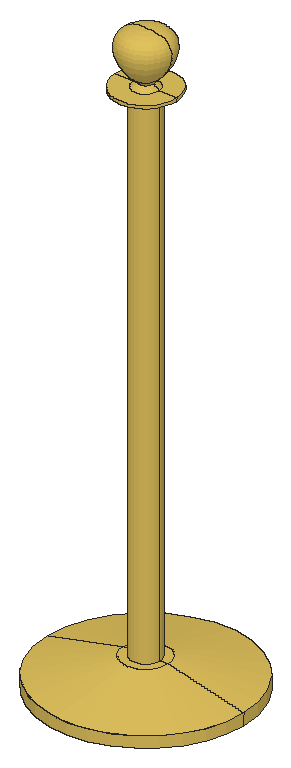
Revit family "DQMG0004", category Generic Models, Revit 2017
Family settings
  Can host rebar = No
  Round Connector Dimension = Use Diameter
  Part Type = Normal
  Work Plane-Based = No
  Always vertical = Yes
  Cut with Voids When Loaded = Yes
  Shared = No
  Room Calculation Point = No
Parameters
  Website = "https://dolphy.in/"  # constant formula
  Contact number = "+91 9520202035"  # constant formula
  Contact email = "info@dolphy.in"  # constant formula
  Company name = "Dolphy India"  # constant formula
Reference planes
  plane 1 "Center (Front/Back)": y = 0
  plane 2: z = 0
  plane 3 "Center (Left/Right)": x = 0
Forms (mm)
  Revolve 1, solid, material "Dolphy_GOLD"
    sketch origin (0, 0, 0) x (1, 0, 0) y (0, 0, 1)
      loop
        line (0, 0) -> (0, 1050)
        spline (0, 1050) -> (-15.268, 1048.896) -> (-26.998, 1045.814) -> (-35.555, 1041.102) -> (-41.302, 1035.105) -> (-44.602, 1028.17) -> (-45.82, 1020.645) -> (-45.313, 1012.87) -> (-43.322, 1005.05) -> (-39.95, 997.237) -> (-35.291, 989.473) -> (-29.443, 981.8) -> (-22.5, 974.261)
        line (-22.5, 974.261) -> (-13.661, 965.422) -> (-22.5, 956.584) -> (-55, 956.584) -> (-55, 951.584) -> (-25, 951.584) -> (-25, 50) -> (-40, 50) -> (-175, 20) -> (-175, 0) -> (0, 0)
      axis (0, 1050) -> (0, 0)
    angle from 0 to 360
Dimensions and locks
  aligned and locked: level to plane 2
Automatic sketch dimensions
  Revolve 1 sketch curve to level = 0 mm
  Revolve 1 sketch curve to plane 3 "Center (Left/Right)" = 0 mm  (x2)
  Revolve 1 sketch curve to plane 3 "Center (Left/Right)" = 13.661 mm
  Revolve 1 sketch curve to Revolve 1 sketch curve = 8.839 mm  (x3)
  Revolve 1 sketch curve to plane 3 "Center (Left/Right)" = 25 mm
  Revolve 1 sketch curve to Revolve 1 sketch curve = 15 mm
  Revolve 1 sketch curve to Revolve 1 sketch curve = 30 mm
  level to Revolve 1 sketch curve = 20 mm
  Revolve 1 sketch curve to Revolve 1 sketch curve = 135 mm
  level to Revolve 1 sketch curve = 50 mm
  Revolve 1 sketch curve to Revolve 1 sketch curve = 901.584 mm
  Revolve 1 sketch curve to Revolve 1 sketch curve = 5 mm
  Revolve 1 sketch curve to Revolve 1 sketch curve = 75.739 mm
  Revolve 1 sketch curve to level = 366.045 mm
  Revolve 1 sketch curve to Revolve 1 sketch curve = 1164.315 mm
